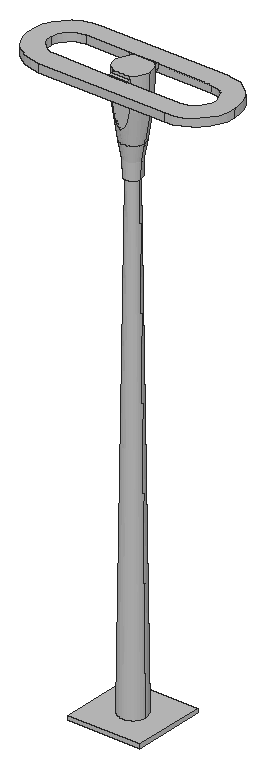
Revit family "EL_Galaxy_v2", category Lighting Fixtures, Revit 2024
Family settings
  Round Connector Dimension = Use Diameter
  Part Type = Normal
  OmniClass Number = 23.80.70.00
  OmniClass Title = Lighting
  Work Plane-Based = No
  Always vertical = Yes
  Cut with Voids When Loaded = No
  Light Source = Yes
  Maintain Annotation Orientation = No
  Shared = No
  Room Calculation Point = No
Parameters (values of type "GALAXY S4  Mxx 2k0 727")
  Tilt Angle = 90.00°
  Spot Field Angle = 90.00°
  Weight = 10
  Voltage  = EL_Voltage  # "AC 220V - 240V / 50-60Hz"
  URL Manufacturer = "https://www.el-lumen.cz/home-en"
  URL Luminaire = "https://www.el-lumen.cz/galaxy-en"
  Terminal Block Poles = "2, 3, 5"
  Power = 12.1 W
  Description = "Street luminaire"
  Optical Efficacy = 64.37
  Optic = "U02"
  Manufacturer = "ELEKTRO-LUMEN, s. r. o."  # constant formula
  Mounting Type [instance] = Pole : Pole
  Luminous Flux of Luminaire = 1287 lm
  Luminous Flux of LED = 2000 lm
  Luminaire Type = "GALAXY S4"
  Luminaire Model = "GALAXY S4  Mxx 2k0 727"
  Luminaire Material = Kov
  Life Time = "100 000 h"
  Lamp = "LED"
  IP = "IP66"
  IK = "IK09"
  Housing Width = 321 mm
  Housing Length = 841 mm
  Housing Height = 407 mm
  Galaxy S = yes
  Galaxy A = no
  Emit from Line Length = 609.6 mm
  EL_Voltage = "AC 220V - 240V / 50-60Hz"
  built-in parameter 1150131 = 3048 mm
  Diffuser Material  = Flat glass
  Default Elevation = 1500 mm
  Wattage = 9.2903 W
  built-in parameter 1150110 = 1 (stored number, unit not read)
  Model = Luminaire Type  # "GALAXY S4"
  built-in parameter 1114217 = 1 (stored number, unit not read)
  built-in parameter 1150109 = 1 (stored number, unit not read)
  built-in parameter 1150134 = (empty or 0)
  built-in parameter 1150113 = 1 (stored number, unit not read)
  Lumens = 1380 lm
  built-in parameter 1150115 = 1 (stored number, unit not read)
  built-in parameter 1150105 = 4614.1 (stored number, unit not read)
  built-in parameter 1150137 = (empty or 0)
  built-in parameter 1150139 = (empty or 0)
  built-in parameter 1150112 = 1 (stored number, unit not read)
  built-in parameter 1150114 = 1 (stored number, unit not read)
  built-in parameter 1150132 = 2
  built-in parameter 1150102 = (empty or 0)
  built-in parameter 1150138 = (empty or 0)
  built-in parameter 1150107 = 3000 (stored number, unit not read)
  built-in parameter 1150106 = 46.141 (stored number, unit not read)
  built-in parameter 1150104 = 13.8 (stored number, unit not read)
  Dimming Lamp Color Temperature Shift = <None>
  Control Gear = "LED Driver"
  Bracket length [instance] = 2000 mm
  Spot Beam Angle = 30.00°
  Color Filter = 16777215
  Certification = "ENEC, ENEC+, EMC, Zhaga D4i, IDA"
  CRI = 70
  CE Conformity = "CE Mark"
  CCT = 2700
  built-in parameter 1114218 = 1 (stored number, unit not read)
  Light Source Symbol Length = 3048 mm
Types (70, lengths in mm): name | Power | Optical Efficacy | Optic | Luminous Flux of Luminaire | Luminous Flux of LED | Luminaire Type | Luminaire Model | Galaxy S | Galaxy A | Model | CCT
  GALAXY A4  Mxx 10k0 740 | 53.3 W | 63.4 | "M03" | 6340 lm | 10000 lm | "GALAXY A4" | "GALAXY A4  Mxx 10k0 740" | no | yes | "GALAXY A4" | 4000
  GALAXY A4  Mxx 9k0 740 | 47.3 W | 63.4 | "M03" | 5706 lm | 9000 lm | "GALAXY A4" | "GALAXY A4  Mxx 9k0 740" | no | yes | "GALAXY A4" | 4000
  GALAXY A4  Mxx 8k0 740 | 41.8 W | 63.4 | "M03" | 5072 lm | 8000 lm | "GALAXY A4" | "GALAXY A4  Mxx 8k0 740" | no | yes | "GALAXY A4" | 4000
  GALAXY A4  Mxx 7k0 740 | 37.1 W | 63.4 | "M03" | 4438 lm | 7000 lm | "GALAXY A4" | "GALAXY A4  Mxx 7k0 740" | no | yes | "GALAXY A4" | 4000
  GALAXY A4  Mxx 6k0 740 | 31.5 W | 63.4 | "M03" | 3804 lm | 6000 lm | "GALAXY A4" | "GALAXY A4  Mxx 6k0 740" | no | yes | "GALAXY A4" | 4000
  GALAXY A4  Mxx 5k0 740 | 26.1 W | 63.4 | "M03" | 3170 lm | 5000 lm | "GALAXY A4" | "GALAXY A4  Mxx 5k0 740" | no | yes | "GALAXY A4" | 4000
  GALAXY A4  Mxx 4k0 740 | 20.8 W | 63.4 | "M03" | 2536 lm | 4000 lm | "GALAXY A4" | "GALAXY A4  Mxx 4k0 740" | no | yes | "GALAXY A4" | 4000
  GALAXY A4  Mxx 3k0 740 | 15.3 W | 63.4 | "M03" | 1902 lm | 3000 lm | "GALAXY A4" | "GALAXY A4  Mxx 3k0 740" | no | yes | "GALAXY A4" | 4000
  GALAXY A4  Mxx 2k0 740 | 10.1 W | 63.4 | "M03" | 1268 lm | 2000 lm | "GALAXY A4" | "GALAXY A4  Mxx 2k0 740" | no | yes | "GALAXY A4" | 4000
  GALAXY A4  Mxx 10k0 730 | 56.1 W | 63.4 | "M03" | 6340 lm | 10000 lm | "GALAXY A4" | "GALAXY A4  Mxx 10k0 730" | no | yes | "GALAXY A4" | 3000
  GALAXY A4  Mxx 9k0 730 | 50.1 W | 63.4 | "M03" | 5706 lm | 9000 lm | "GALAXY A4" | "GALAXY A4  Mxx 9k0 730" | no | yes | "GALAXY A4" | 3000
  GALAXY A4  Mxx 8k0 730 | 44.5 W | 63.4 | "M03" | 5072 lm | 8000 lm | "GALAXY A4" | "GALAXY A4  Mxx 8k0 730" | no | yes | "GALAXY A4" | 3000
  GALAXY A4  Mxx 7k0 730 | 39.4 W | 63.4 | "M03" | 4438 lm | 7000 lm | "GALAXY A4" | "GALAXY A4  Mxx 7k0 730" | no | yes | "GALAXY A4" | 3000
  GALAXY A4  Mxx 6k0 730 | 33.7 W | 63.4 | "M03" | 3804 lm | 6000 lm | "GALAXY A4" | "GALAXY A4  Mxx 6k0 730" | no | yes | "GALAXY A4" | 3000
  GALAXY A4  Mxx 5k0 730 | 27.9 W | 63.4 | "M03" | 3170 lm | 5000 lm | "GALAXY A4" | "GALAXY A4  Mxx 5k0 730" | no | yes | "GALAXY A4" | 3000
  GALAXY A4  Mxx 4k0 730 | 22.5 W | 63.4 | "M03" | 2536 lm | 4000 lm | "GALAXY A4" | "GALAXY A4  Mxx 4k0 730" | no | yes | "GALAXY A4" | 3000
  GALAXY A4  Mxx 3k0 730 | 16.6 W | 63.4 | "M03" | 1902 lm | 3000 lm | "GALAXY A4" | "GALAXY A4  Mxx 3k0 730" | no | yes | "GALAXY A4" | 3000
  GALAXY A4  Mxx 2k0 730 | 11.1 W | 63.4 | "M03" | 1268 lm | 2000 lm | "GALAXY A4" | "GALAXY A4  Mxx 2k0 730" | no | yes | "GALAXY A4" | 3000
  GALAXY A4  Mxx 10k0 727 | 58.8 W | 63.4 | "M03" | 6340 lm | 10000 lm | "GALAXY A4" | "GALAXY A4  Mxx 10k0 727" | no | yes | "GALAXY A4" | 2700
  GALAXY A4  Mxx 9k0 727 | 52.7 W | 63.4 | "M03" | 5706 lm | 9000 lm | "GALAXY A4" | "GALAXY A4  Mxx 9k0 727" | no | yes | "GALAXY A4" | 2700
  GALAXY A4  Mxx 8k0 727 | 46.7 W | 63.4 | "M03" | 5072 lm | 8000 lm | "GALAXY A4" | "GALAXY A4  Mxx 8k0 727" | no | yes | "GALAXY A4" | 2700
  GALAXY A4  Mxx 7k0 727 | 41.6 W | 63.4 | "M03" | 4438 lm | 7000 lm | "GALAXY A4" | "GALAXY A4  Mxx 7k0 727" | no | yes | "GALAXY A4" | 2700
  GALAXY A4  Mxx 6k0 727 | 35.4 W | 63.4 | "M03" | 3804 lm | 6000 lm | "GALAXY A4" | "GALAXY A4  Mxx 6k0 727" | no | yes | "GALAXY A4" | 2700
  GALAXY A4  Mxx 5k0 727 | 29.1 W | 63.4 | "M03" | 3170 lm | 5000 lm | "GALAXY A4" | "GALAXY A4  Mxx 5k0 727" | no | yes | "GALAXY A4" | 2700
  GALAXY A4  Mxx 4k0 727 | 23.7 W | 63.4 | "M03" | 2536 lm | 4000 lm | "GALAXY A4" | "GALAXY A4  Mxx 4k0 727" | no | yes | "GALAXY A4" | 2700
  GALAXY A4  Mxx 3k0 727 | 17.6 W | 63.4 | "M03" | 1902 lm | 3000 lm | "GALAXY A4" | "GALAXY A4  Mxx 3k0 727" | no | yes | "GALAXY A4" | 2700
  GALAXY A4  Mxx 2k0 727 | 12.1 W | 63.4 | "M03" | 1268 lm | 2000 lm | "GALAXY A4" | "GALAXY A4  Mxx 2k0 727" | no | yes | "GALAXY A4" | 2700
  GALAXY A4  Mxx 9k0 722 | 60.4 W | 63.4 | "M03" | 5706 lm | 9000 lm | "GALAXY A4" | "GALAXY A4  Mxx 9k0 722" | no | yes | "GALAXY A4" | 2200
  GALAXY A4  Mxx 8k0 722 | 53.3 W | 63.4 | "M03" | 5072 lm | 8000 lm | "GALAXY A4" | "GALAXY A4  Mxx 8k0 722" | no | yes | "GALAXY A4" | 2200
  GALAXY A4  Mxx 7k0 722 | 46.2 W | 63.4 | "M03" | 4438 lm | 7000 lm | "GALAXY A4" | "GALAXY A4  Mxx 7k0 722" | no | yes | "GALAXY A4" | 2200
  GALAXY A4  Mxx 6k0 722 | 40 W | 63.4 | "M03" | 3804 lm | 6000 lm | "GALAXY A4" | "GALAXY A4  Mxx 6k0 722" | no | yes | "GALAXY A4" | 2200
  GALAXY A4  Mxx 5k0 722 | 33.2 W | 63.4 | "M03" | 3170 lm | 5000 lm | "GALAXY A4" | "GALAXY A4  Mxx 5k0 722" | no | yes | "GALAXY A4" | 2200
  GALAXY A4  Mxx 4k0 722 | 26.5 W | 63.4 | "M03" | 2536 lm | 4000 lm | "GALAXY A4" | "GALAXY A4  Mxx 4k0 722" | no | yes | "GALAXY A4" | 2200
  GALAXY A4  Mxx 3k0 722 | 19.8 W | 63.4 | "M03" | 1902 lm | 3000 lm | "GALAXY A4" | "GALAXY A4  Mxx 3k0 722" | no | yes | "GALAXY A4" | 2200
  GALAXY A4  Mxx 2k0 722 | 13.2 W | 63.4 | "M03" | 1268 lm | 2000 lm | "GALAXY A4" | "GALAXY A4  Mxx 2k0 722" | no | yes | "GALAXY A4" | 2200
  GALAXY S4  Mxx 10k0 740 | 53.3 W | 64.37 | "U02" | 6437 lm | 10000 lm | "GALAXY S4" | "GALAXY S4  Mxx 10k0 740" | yes | no | "GALAXY S4" | 4000
  GALAXY S4  Mxx 9k0 740 | 47.3 W | 64.37 | "U02" | 5793 lm | 9000 lm | "GALAXY S4" | "GALAXY S4  Mxx 9k0 740" | yes | no | "GALAXY S4" | 4000
  GALAXY S4  Mxx 8k0 740 | 41.8 W | 64.37 | "U02" | 5150 lm | 8000 lm | "GALAXY S4" | "GALAXY S4  Mxx 8k0 740" | yes | no | "GALAXY S4" | 4000
  GALAXY S4  Mxx 7k0 740 | 37.1 W | 64.37 | "U02" | 4506 lm | 7000 lm | "GALAXY S4" | "GALAXY S4  Mxx 7k0 740" | yes | no | "GALAXY S4" | 4000
  GALAXY S4  Mxx 6k0 740 | 31.5 W | 64.37 | "U02" | 3862 lm | 6000 lm | "GALAXY S4" | "GALAXY S4  Mxx 6k0 740" | yes | no | "GALAXY S4" | 4000
  GALAXY S4  Mxx 5k0 740 | 26.1 W | 64.37 | "U02" | 3219 lm | 5000 lm | "GALAXY S4" | "GALAXY S4  Mxx 5k0 740" | yes | no | "GALAXY S4" | 4000
  GALAXY S4  Mxx 4k0 740 | 20.8 W | 64.37 | "U02" | 2575 lm | 4000 lm | "GALAXY S4" | "GALAXY S4  Mxx 4k0 740" | yes | no | "GALAXY S4" | 4000
  GALAXY S4  Mxx 3k0 740 | 15.3 W | 64.37 | "U02" | 1931 lm | 3000 lm | "GALAXY S4" | "GALAXY S4  Mxx 3k0 740" | yes | no | "GALAXY S4" | 4000
  GALAXY S4  Mxx 2k0 740 | 10.1 W | 64.37 | "U02" | 1287 lm | 2000 lm | "GALAXY S4" | "GALAXY S4  Mxx 2k0 740" | yes | no | "GALAXY S4" | 4000
  GALAXY S4  Mxx 10k0 730 | 56.1 W | 64.37 | "U02" | 6437 lm | 10000 lm | "GALAXY S4" | "GALAXY S4  Mxx 10k0 730" | yes | no | "GALAXY S4" | 3000
  GALAXY S4  Mxx 9k0 730 | 50.1 W | 64.37 | "U02" | 5793 lm | 9000 lm | "GALAXY S4" | "GALAXY S4  Mxx 9k0 730" | yes | no | "GALAXY S4" | 3000
  GALAXY S4  Mxx 8k0 730 | 44.5 W | 64.37 | "U02" | 5150 lm | 8000 lm | "GALAXY S4" | "GALAXY S4  Mxx 8k0 730" | yes | no | "GALAXY S4" | 3000
  GALAXY S4  Mxx 7k0 730 | 39.4 W | 64.37 | "U02" | 4506 lm | 7000 lm | "GALAXY S4" | "GALAXY S4  Mxx 7k0 730" | yes | no | "GALAXY S4" | 3000
  GALAXY S4  Mxx 6k0 730 | 33.7 W | 64.37 | "U02" | 3862 lm | 6000 lm | "GALAXY S4" | "GALAXY S4  Mxx 6k0 730" | yes | no | "GALAXY S4" | 3000
  GALAXY S4  Mxx 5k0 730 | 27.9 W | 64.37 | "U02" | 3219 lm | 5000 lm | "GALAXY S4" | "GALAXY S4  Mxx 5k0 730" | yes | no | "GALAXY S4" | 3000
  GALAXY S4  Mxx 4k0 730 | 22.5 W | 64.37 | "U02" | 2575 lm | 4000 lm | "GALAXY S4" | "GALAXY S4  Mxx 4k0 730" | yes | no | "GALAXY S4" | 3000
  GALAXY S4  Mxx 3k0 730 | 16.6 W | 64.37 | "U02" | 1931 lm | 3000 lm | "GALAXY S4" | "GALAXY S4  Mxx 3k0 730" | yes | no | "GALAXY S4" | 3000
  GALAXY S4  Mxx 2k0 730 | 11.1 W | 64.37 | "U02" | 1287 lm | 2000 lm | "GALAXY S4" | "GALAXY S4  Mxx 2k0 730" | yes | no | "GALAXY S4" | 3000
  GALAXY S4  Mxx 10k0 727 | 58.8 W | 64.37 | "U02" | 6437 lm | 10000 lm | "GALAXY S4" | "GALAXY S4  Mxx 10k0 727" | yes | no | "GALAXY S4" | 2700
  GALAXY S4  Mxx 9k0 727 | 52.7 W | 64.37 | "U02" | 5793 lm | 9000 lm | "GALAXY S4" | "GALAXY S4  Mxx 9k0 727" | yes | no | "GALAXY S4" | 2700
  GALAXY S4  Mxx 8k0 727 | 46.7 W | 64.37 | "U02" | 5150 lm | 8000 lm | "GALAXY S4" | "GALAXY S4  Mxx 8k0 727" | yes | no | "GALAXY S4" | 2700
  GALAXY S4  Mxx 7k0 727 | 41.6 W | 64.37 | "U02" | 4506 lm | 7000 lm | "GALAXY S4" | "GALAXY S4  Mxx 7k0 727" | yes | no | "GALAXY S4" | 2700
  GALAXY S4  Mxx 6k0 727 | 35.4 W | 64.37 | "U02" | 3862 lm | 6000 lm | "GALAXY S4" | "GALAXY S4  Mxx 6k0 727" | yes | no | "GALAXY S4" | 2700
  GALAXY S4  Mxx 5k0 727 | 29.1 W | 64.37 | "U02" | 3219 lm | 5000 lm | "GALAXY S4" | "GALAXY S4  Mxx 5k0 727" | yes | no | "GALAXY S4" | 2700
  GALAXY S4  Mxx 4k0 727 | 23.7 W | 64.37 | "U02" | 2575 lm | 4000 lm | "GALAXY S4" | "GALAXY S4  Mxx 4k0 727" | yes | no | "GALAXY S4" | 2700
  GALAXY S4  Mxx 3k0 727 | 17.6 W | 64.37 | "U02" | 1931 lm | 3000 lm | "GALAXY S4" | "GALAXY S4  Mxx 3k0 727" | yes | no | "GALAXY S4" | 2700
  GALAXY S4  Mxx 2k0 727 | 12.1 W | 64.37 | "U02" | 1287 lm | 2000 lm | "GALAXY S4" | "GALAXY S4  Mxx 2k0 727" | yes | no | "GALAXY S4" | 2700
  GALAXY S4  Mxx 9k0 722 | 60.4 W | 64.37 | "U02" | 5793 lm | 9000 lm | "GALAXY S4" | "GALAXY S4  Mxx 9k0 722" | yes | no | "GALAXY S4" | 2200
  GALAXY S4  Mxx 8k0 722 | 53.3 W | 64.37 | "U02" | 5150 lm | 8000 lm | "GALAXY S4" | "GALAXY S4  Mxx 8k0 722" | yes | no | "GALAXY S4" | 2200
  GALAXY S4  Mxx 7k0 722 | 46.2 W | 64.37 | "U02" | 4506 lm | 7000 lm | "GALAXY S4" | "GALAXY S4  Mxx 7k0 722" | yes | no | "GALAXY S4" | 2200
  GALAXY S4  Mxx 6k0 722 | 40 W | 64.37 | "U02" | 3862 lm | 6000 lm | "GALAXY S4" | "GALAXY S4  Mxx 6k0 722" | yes | no | "GALAXY S4" | 2200
  GALAXY S4  Mxx 5k0 722 | 33.2 W | 64.37 | "U02" | 3219 lm | 5000 lm | "GALAXY S4" | "GALAXY S4  Mxx 5k0 722" | yes | no | "GALAXY S4" | 2200
  GALAXY S4  Mxx 4k0 722 | 26.5 W | 64.37 | "U02" | 2575 lm | 4000 lm | "GALAXY S4" | "GALAXY S4  Mxx 4k0 722" | yes | no | "GALAXY S4" | 2200
  GALAXY S4  Mxx 3k0 722 | 19.8 W | 64.37 | "U02" | 1931 lm | 3000 lm | "GALAXY S4" | "GALAXY S4  Mxx 3k0 722" | yes | no | "GALAXY S4" | 2200
  GALAXY S4  Mxx 2k0 722 | 13.2 W | 64.37 | "U02" | 1287 lm | 2000 lm | "GALAXY S4" | "GALAXY S4  Mxx 2k0 722" | yes | no | "GALAXY S4" | 2200
Reference planes
  plane 1 "Osa světelného zdroje (přední/zadní)": y = 0
  plane 2 "Light": z = 0
  plane 3 "Osa světelného zdroje (levá/pravá)": x = 0
  plane 4 "Výška světelného zdroje": z = 0
Forms (mm)
  Extrusion 1, solid, material "Kov" <- "Luminaire Material"
    sketch origin (0, 0, 0) x (1, 0, 0) y (0, 1, 0)
      loop
        line (259.939, 160.531) -> (-260, 160.531)
        arc (-260, 160.531) -> (-420.506, 0.025) -> (-260, -160.481) r 160.506
        line (-260, -160.481) -> (260.061, -160.481)
        arc (260.061, -160.481) -> (373.513, -113.488) -> (420.506, -0.037) r 160.445
        arc (420.506, -0.037) -> (373.477, 113.501) -> (259.939, 160.531) r 160.567
      loop
        line (-81.489, 79.498) -> (-260, 79.494)
        arc (-260, 79.494) -> (-316.211, 56.211) -> (-339.494, 0) r 79.494
        arc (-339.494, 0) -> (-316.211, -56.211) -> (-260, -79.494) r 79.494
        line (-260, -79.494) -> (-77.354, -79.494) -> (260, -79.494)
        arc (260, -79.494) -> (339.496, 0.002) -> (260, 79.498) r 79.496
        line (260, 79.498) -> (-81.489, 79.498)
    from 0 to 32
  Extrusion 2, void
    sketch origin (0, 0, 0) x (1, 0, 0) y (0, 1, 0)
      loop
        arc (-262, 155.012) -> (-415, 0.025) -> (-262, -154.962) r 155
        line (-262, -154.962) -> (-262, -84.952)
        arc (-262, -84.952) -> (-345, 0.025) -> (-262, 85.001) r 85
        line (-262, 85.001) -> (-262, 155.012)
      loop
        arc (262, -154.962) -> (415, 0.025) -> (262, 155.012) r 155
        line (262, 155.012) -> (262, 85.001)
        arc (262, 85.001) -> (345, 0.025) -> (262, -84.952) r 85
        line (262, -84.952) -> (262, -154.962)
      loop
        line (-257, 155.012) -> (-257, 85.001) -> (257, 85.001) -> (257, 155.012) -> (-257, 155.012)
      loop
        line (-257, -155.012) -> (257, -155.012) -> (257, -85.001) -> (-257, -85.001) -> (-257, -155.012)
    from 0 to 5
  Extrusion 3, solid, material "Flat glass" <- "Diffuser Material "
    sketch origin (0, 0, 0) x (1, 0, 0) y (0, 1, 0)
      loop
        arc (-262, 155.012) -> (-415, 0.025) -> (-262, -154.962) r 155
        line (-262, -154.962) -> (-262, -84.952)
        arc (-262, -84.952) -> (-345, 0.025) -> (-262, 85.001) r 85
        line (-262, 85.001) -> (-262, 155.012)
      loop
        line (-257, -155.012) -> (257, -155.012) -> (257, -85.001) -> (-257, -85.001) -> (-257, -155.012)
      loop
        line (-257, 85.001) -> (257, 85.001) -> (257, 155.012) -> (-257, 155.012) -> (-257, 85.001)
      loop
        arc (262, -154.962) -> (415, 0.025) -> (262, 155.012) r 155
        line (262, 155.012) -> (262, 85.001)
        arc (262, 85.001) -> (345, 0.025) -> (262, -84.952) r 85
        line (262, -84.952) -> (262, -154.962)
    from 0 to 5
Cuts and joins
  Extrusion 2 cuts Extrusion 1
Dimensions and locks
  aligned and locked: plane 1 "Osa světelného zdroje (přední/zadní)" to imposter light
  aligned and locked: plane 3 "Osa světelného zdroje (levá/pravá)" to nested 1
  aligned and locked: plane 1 "Osa světelného zdroje (přední/zadní)" to nested 1
Nested families
  nested 1: "Pole" at (0, 0, 0), visible <- "Galaxy S", type "Pole"
  nested 2: "Pole" at (107.866, 0, 0), visible <- "Galaxy A", type "Pole"
Definition of nested family "Pole"
  Parameters (values of type "Pole")
    Default Elevation = 0 mm
    Luminaire Material = none
    Bracket length = 2000 mm
  Reference planes
    plane 1 "Střed (vpředu/vzadu)": y = 0
    plane 2: z = 0
    plane 3 "Střed (vlevo/vpravo)": x = 0
    plane 4: y = 0
    plane 5: z = 37
    plane 6 "Bottom": z = -362
    plane 7: z = -2362
    plane 8 "Top": z = 45
  Forms (mm)
    Extrusion 1, solid, material <- "Luminaire Material", detail levels coarse
      sketch origin (0, 0, 0) x (1, 0, 0) y (0, 1, 0)
        loop
          line (47.139, 60.096) -> (-47.135, 60.096)
          arc (-47.135, 60.096) -> (-58.738, 56.408) -> (-66.082, 46.699) r 20.096
          arc (-66.082, 46.699) -> (-72.076, 23.69) -> (-74.094, 0) r 140.096
          arc (-74.094, 0) -> (-72.076, -23.69) -> (-66.082, -46.699) r 140.096
          arc (-66.082, -46.699) -> (-58.738, -56.408) -> (-47.135, -60.096) r 20.096
          line (-47.135, -60.096) -> (47.139, -60.096)
          arc (47.139, -60.096) -> (58.741, -56.408) -> (66.085, -46.699) r 20.096
          arc (66.085, -46.699) -> (74.098, 0) -> (66.085, 46.699) r 140.096
          arc (66.085, 46.699) -> (58.741, 56.408) -> (47.139, 60.096) r 20.096
      from -362 to 45
    Extrusion 2, solid, material <- "Luminaire Material"
      sketch origin (0, 0, 0) x (1, 0, 0) y (0, 0, 1)
        loop
          line (-37.494, 33.036) -> (-37.494, 11.272)
          arc (-37.494, 11.272) -> (-0.005, -17) -> (37.494, 11.259) r 39
          line (37.494, 11.259) -> (37.494, 33.036) -> (-37.494, 33.036)
      from 60.096 to 79.494
    Extrusion 3, solid, material <- "Luminaire Material"
      sketch origin (0, 0, 0) x (1, 0, 0) y (0, 0, -1)
        loop
          line (-37.494, -33.036) -> (37.494, -33.036) -> (37.494, -11.259)
          arc (37.494, -11.259) -> (-0.005, 17) -> (-37.494, -11.272) r 39
          line (-37.494, -11.272) -> (-37.494, -33.036)
      from 60.096 to 79.494
    Extrusion 4, solid, material <- "Luminaire Material", detail levels medium+fine
      sketch origin (0, 0, 0) x (1, 0, 0) y (0, 1, 0)
        loop
          line (47.139, 60.096) -> (-47.135, 60.096)
          arc (-47.135, 60.096) -> (-58.738, 56.408) -> (-66.082, 46.699) r 20.096
          arc (-66.082, 46.699) -> (-72.076, 23.69) -> (-74.094, 0) r 140.096
          arc (-74.094, 0) -> (-72.076, -23.69) -> (-66.082, -46.699) r 140.096
          arc (-66.082, -46.699) -> (-58.738, -56.408) -> (-47.135, -60.096) r 20.096
          line (-47.135, -60.096) -> (47.139, -60.096)
          arc (47.139, -60.096) -> (58.741, -56.408) -> (66.085, -46.699) r 20.096
          arc (66.085, -46.699) -> (74.098, 0) -> (66.085, 46.699) r 140.096
          arc (66.085, 46.699) -> (58.741, 56.408) -> (47.139, 60.096) r 20.096
      from -362 to 45
    Revolve 5, void
      sketch origin (0, 0, 0) x (1, 0, 0) y (0, 0, 1)
        loop
          line (34.511, -375.002) -> (99.511, -375.002) -> (99.511, 56.854) -> (69.332, 56.854)
          arc (69.332, 56.854) -> (69.588, -85.079) -> (47.936, -225.351) r 916.9
          arc (47.936, -225.351) -> (35.954, -299.704) -> (34.511, -375.002) r 536.066
        axis (0, 56.854) -> (0, -375.002)
      angle from 0 to 360
  Cuts and joins
    Revolve 5 cuts Extrusion 4
  Dimensions and locks
    locked: plane 5 to level at 37
    "Bracket length": plane 6 "Bottom" to plane 7
    locked: level to plane 6 "Bottom" at 362
    aligned and locked: level to plane 2
    aligned and locked: plane 6 "Bottom" to nested 1
    aligned and locked: nested 1 to plane 3 "Střed (vlevo/vpravo)"
  Automatic sketch dimensions
    Extrusion 1 sketch curve to Extrusion 1 sketch curve = 0 mm  (x4)
    plane 1 "Střed (vpředu/vzadu)" to Extrusion 1 sketch curve = 0 mm  (x2)
    Extrusion 1 sketch curve to plane 3 "Střed (vlevo/vpravo)" = 65.998 mm
    Extrusion 1 sketch curve to plane 3 "Střed (vlevo/vpravo)" = 47.135 mm  (x2)
    plane 3 "Střed (vlevo/vpravo)" to Extrusion 1 sketch curve = 47.139 mm  (x2)
    Extrusion 1 sketch curve to Extrusion 1 sketch curve = 18.863 mm
    plane 1 "Střed (vpředu/vzadu)" to Extrusion 1 sketch curve = 40 mm  (x2)
    Extrusion 1 sketch curve to Extrusion 1 sketch curve = 20.096 mm  (x2)
    Extrusion 1 sketch curve to plane 1 "Střed (vpředu/vzadu)" = 40 mm  (x2)
    level to Extrusion 2 sketch curve = 11.272 mm
    Extrusion 2 sketch curve to plane 3 "Střed (vlevo/vpravo)" = 37.494 mm
    plane 3 "Střed (vlevo/vpravo)" to Extrusion 2 sketch curve = 0.002 mm
    Extrusion 2 sketch curve to plane 5 = 3.964 mm
    plane 3 "Střed (vlevo/vpravo)" to Extrusion 2 sketch curve = 37.494 mm
    level to Extrusion 2 sketch curve = 11.259 mm
    level to Extrusion 3 sketch curve = 11.272 mm
    Extrusion 3 sketch curve to plane 3 "Střed (vlevo/vpravo)" = 37.494 mm
    plane 3 "Střed (vlevo/vpravo)" to Extrusion 3 sketch curve = 0.002 mm
    Extrusion 3 sketch curve to plane 5 = 3.964 mm
    plane 3 "Střed (vlevo/vpravo)" to Extrusion 3 sketch curve = 37.494 mm
    Extrusion 3 sketch curve to plane 5 = 15 mm
    Extrusion 4 sketch curve to Extrusion 4 sketch curve = 0 mm  (x4)
    plane 1 "Střed (vpředu/vzadu)" to Extrusion 4 sketch curve = 0 mm  (x2)
    Extrusion 4 sketch curve to plane 3 "Střed (vlevo/vpravo)" = 65.998 mm
    Extrusion 4 sketch curve to plane 3 "Střed (vlevo/vpravo)" = 47.135 mm  (x2)
    plane 3 "Střed (vlevo/vpravo)" to Extrusion 4 sketch curve = 47.139 mm  (x2)
    Extrusion 4 sketch curve to Extrusion 4 sketch curve = 18.863 mm
    plane 1 "Střed (vpředu/vzadu)" to Extrusion 4 sketch curve = 40 mm  (x2)
    Extrusion 4 sketch curve to Extrusion 4 sketch curve = 20.096 mm  (x2)
    Extrusion 4 sketch curve to plane 1 "Střed (vpředu/vzadu)" = 40 mm  (x2)
    level to Revolve 5 sketch curve = 56.854 mm
    Revolve 5 sketch curve to level = 15.761 mm
    Revolve 5 sketch curve to plane 3 "Střed (vlevo/vpravo)" = 844.688 mm
    Revolve 5 sketch curve to plane 6 "Bottom" = 13.002 mm
    plane 6 "Bottom" to Revolve 5 sketch curve = 14.402 mm
    Revolve 5 sketch curve to Revolve 5 sketch curve = 470.365 mm
    Revolve 5 sketch curve to plane 3 "Střed (vlevo/vpravo)" = 0 mm
    plane 3 "Střed (vlevo/vpravo)" to Revolve 5 sketch curve = 69.332 mm
    Revolve 5 sketch curve to Revolve 5 sketch curve = 30.18 mm
    plane 3 "Střed (vlevo/vpravo)" to Revolve 5 sketch curve = 34.511 mm
    Revolve 5 sketch curve to plane 6 "Bottom" = 4.045 mm
    Revolve 5 sketch curve to Revolve 5 sketch curve = 2157.461 mm
  Nested families
    nested 1: "EL_Pole_Galaxy" at (0, 0, -362), type "EL_Pole_Galaxy"
      with Bracket length 2000 mm
  Definition of nested family "EL_Pole_Galaxy"
    Parameters (values of type "EL_Pole_Galaxy")
      Default Elevation = 0 mm
      Luminaire Material = none
      Bracket length = 3990 mm
    Reference planes
      plane 1 "Střed (vpředu/vzadu)": y = 0
      plane 2: z = 0
      plane 3 "Střed (vlevo/vpravo)": x = 0
      plane 4: x = -150
      plane 5: x = 150
      plane 6: y = 150
      plane 7: y = -150
      plane 8 "Base": z = -3990
    Forms (mm)
      Extrusion 1, solid, material <- "Luminaire Material"
        sketch origin (0, 0, -3990) x (-1, 0, 0) y (0, -1, 0)
          loop
            line (-150, -150) -> (150, -150) -> (150, 150) -> (-150, 150) -> (-150, -150)
        from 0 to 15
      Blend 2, solid, material <- "Luminaire Material"
        base sketch origin (0, 0, -3990) x (-1, 0, 0) y (0, -1, 0)
          loop
            circle (0, 0) r 54
        top sketch origin (0, 0, 0) x (1, 0, 0) y (0, 1, 0)
          loop
            circle (0, 0) r 27
        from 0 to 0
    Cuts and joins
      joined: Extrusion 1, Blend 2
    Dimensions and locks
      equal spacing: plane 4, plane 3 "Střed (vlevo/vpravo)", plane 5
      locked: plane 4 to plane 5 at 300
      equal spacing: plane 6, plane 1 "Střed (vpředu/vzadu)", plane 7
      locked: plane 6 to plane 7 at 300
      "Bracket length": level to plane 8 "Base"
      aligned and locked: level to plane 2
      aligned and locked: Extrusion 1 sketch curve to plane 5
      aligned and locked: Extrusion 1 sketch curve to plane 6
      aligned and locked: Extrusion 1 sketch curve to plane 4
      aligned and locked: Extrusion 1 sketch curve to plane 7
    Automatic sketch dimensions
      plane 1 "Střed (vpředu/vzadu)" to Blend 2 sketch curve = 0 mm  (x2)
      Blend 2 sketch curve to plane 3 "Střed (vlevo/vpravo)" = 0 mm  (x2)
      radius of Blend 2 sketch curve = 54 mm
      radius of Blend 2 sketch curve = 27 mm
